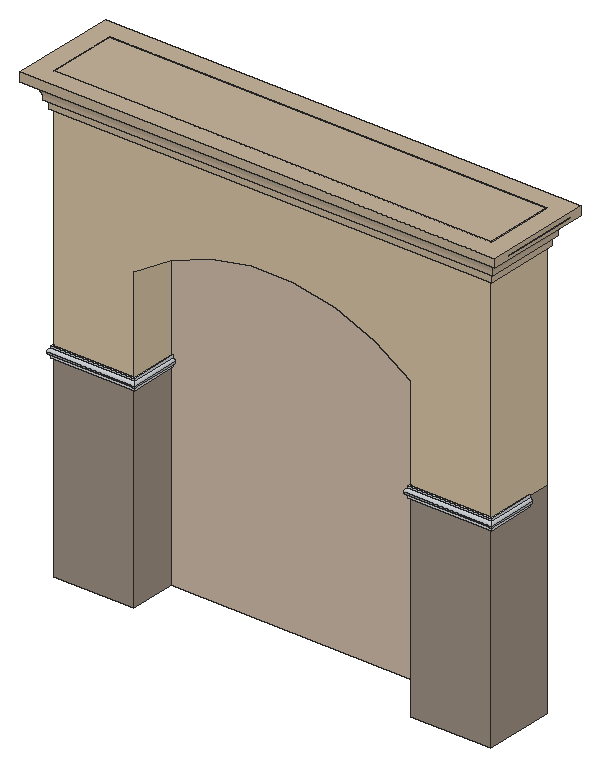
Revit family "GEN_A3-631-FEATURE-WALL-4360", category Site, Revit 2016
Family settings
  Part Type = Undefined
  Round Connector Dimension = Use Diameter
  Work Plane-Based = No
  Always vertical = Yes
  Cut with Voids When Loaded = No
  Shared = No
Parameters (values of type "Wall Feature")
  width = 800 mm
  stone = 1020 mm
  length = 690 mm
  height = 3500 mm
  depth = 1020 mm
  WW = 4360 mm
  Assembly Code = ""
Types (2): name
  4360
  Wall Feature
Reference planes
  plane 1 "Center (Front/Back)": y = 0
  plane 2: z = 0
  plane 3: x = -287.5
  plane 4: x = 512.5
  plane 5: y = 287.5
  plane 6: y = -402.5
  plane 7: z = 3500
  plane 8: z = 3160
  plane 9: z = -1020
  plane 10: z = 1020
  plane 11: x = 3272.5
  plane 12: x = 4072.5
  plane 13: y = 57.5
  plane 14: z = 2480
  plane 15: x = 1892.5
Forms (mm)
  Extrusion 1, solid, material "- Exterior Wall"
    sketch origin (0, 0, 0) x (1, 0, 0) y (0, 1, 0)
      loop
        line (512.5, 287.5) -> (-287.5, 287.5) -> (-287.5, -402.5) -> (512.5, -402.5) -> (512.5, 287.5)
    from 1020 to 2480
  Extrusion 2, solid, material "- Exterior Wall"
    sketch origin (0, 0, -1745) x (1, 0, 0) y (0, 1, 0)
      loop
        line (512.5, 287.5) -> (-287.5, 287.5) -> (-287.5, -402.5) -> (512.5, -402.5) -> (512.5, 287.5)
    from 725 to 2765
  Sweep 3, solid
    path origin (-938.083, 0, 1020) x (1, 0, 0) y (0, 1, 0)
      loop
        line (1450.583, 57.5) -> (1450.583, -402.5) -> (650.583, -402.5) -> (650.583, 57.5)
    profile "DADO-470 : DADO-470" origin (-287.5, -172.5, 1020) x (-1, 0, 0) y (0, 0, 1)
      loop
        line (20, 25) -> (0, 25) -> (0, -85) -> (20, -85) -> (20, -60)
        arc (20, -60) -> (34.542, -48.028) -> (40, -30) r 32.5
        arc (40, -30) -> (34.542, -11.972) -> (20, 0) r 32.5
        line (20, 0) -> (20, 25)
  Sweep 4, solid, material "1-CORBEL"
    path origin (874.69, 0, 3500) x (1, 0, 0) y (0, 1, 0)
      loop
        line (-1162.19, 287.5) -> (-1162.19, -402.5) -> (3197.81, -402.5) -> (3197.81, 287.5) -> (-1162.19, 287.5)
    profile "622-c2 : 622-c2" origin (1892.5, 287.5, 3500) x (0, 1, 0) y (0, 0, 1)
      loop
        line (0, 0) -> (0, -340) -> (30, -340) -> (30, -255) -> (60, -255)
        arc (60, -255) -> (86.058, -156.711) -> (158.15, -85) r 194.519
        line (158.15, -85) -> (188.15, -85) -> (188.15, 0) -> (0, 0)
  Extrusion 5, solid, material "- Exterior Wall"
    sketch origin (3300, 0, -1745) x (1, 0, 0) y (0, 1, 0)
      loop
        line (772.5, 287.5) -> (-27.5, 287.5) -> (-27.5, -402.5) -> (772.5, -402.5) -> (772.5, 287.5)
    from 725 to 2765
  Sweep 6, solid
    path origin (2361.917, 0, 1020) x (1, 0, 0) y (0, 1, 0)
      loop
        line (1710.583, 57.5) -> (1710.583, -402.5) -> (910.583, -402.5) -> (910.583, 57.5)
    profile "DADO-470 : DADO-470" origin (3272.5, -172.5, 1020) x (-1, 0, 0) y (0, 0, 1)
      loop
        line (20, 25) -> (0, 25) -> (0, -85) -> (20, -85) -> (20, -60)
        arc (20, -60) -> (34.542, -48.028) -> (40, -30) r 32.5
        arc (40, -30) -> (34.542, -11.972) -> (20, 0) r 32.5
        line (20, 0) -> (20, 25)
  Extrusion 7, solid, material "- Exterior Wall"
    sketch origin (0, 0, 0) x (1, 0, 0) y (0, 1, 0)
      loop
        line (512.5, 287.5) -> (512.5, 57.5) -> (3272.5, 57.5) -> (3272.5, 287.5) -> (512.5, 287.5)
    from -1020 to 3500
  Extrusion 8, solid, material "- Exterior Wall"
    sketch origin (3300, 0, 0) x (0, 1, 0) y (1, 0, 0)
      loop
        line (287.5, -27.5) -> (287.5, 772.5) -> (-402.5, 772.5) -> (-402.5, -27.5) -> (287.5, -27.5)
    from 1020 to 1980
  Extrusion 9, solid, material "- Exterior Wall"
    sketch origin (3272.5, 287.5, 0) x (1, 0, 0) y (0, 0, -1)
      loop
        line (800, -1980) -> (0, -1980)
        arc (0, -1980) -> (-1380, -2455.862) -> (-2760, -1980) r 2238.931
        line (-2760, -1980) -> (-3560, -1980) -> (-3560, -3500) -> (800, -3500) -> (800, -1980)
    from -690 to 0
Cuts and joins
  joined: Extrusion 1, Extrusion 7, Extrusion 8, Extrusion 9
Dimensions and locks
  "height": level to plane 7
  "depth": plane 9 to level
  "width": plane 3 to plane 4
  "length": plane 6 to plane 5
  "stone": level to plane 10
  locked: plane 8 to plane 7 at 340
  "width": plane 11 to plane 12
  locked: plane 13 to plane 5 at 230
  "WW": plane 3 to plane 12
  equal spacing: plane 3, plane 15, plane 12
  plane 14 to plane 8 = 680 mm
  aligned and locked: Extrusion 1 to plane 5
  aligned and locked: Extrusion 1 to plane 3
  aligned and locked: plane 6 to Extrusion 1
  aligned and locked: plane 4 to Extrusion 1
  aligned and locked: Extrusion 1 to plane 10
  aligned and locked: Sweep 3 sketch curve to plane 6
  aligned and locked: plane 3 to Sweep 3 sketch curve
  aligned and locked: Sweep 6 sketch curve to plane 6
  aligned and locked: Sweep 6 sketch curve to Extrusion 5  (x2)
  aligned and locked: Sweep 3 sketch curve to Extrusion 2
  aligned and locked: Sweep 4 sketch curve to plane 12
  aligned and locked: plane 5 to Extrusion 7 sketch curve
  aligned and locked: plane 4 to Extrusion 7 sketch curve
  aligned and locked: Extrusion 7 sketch curve to plane 11
  aligned and locked: Extrusion 7 sketch curve to plane 13
  aligned and locked: Extrusion 7 to plane 9
  aligned and locked: plane 7 to Extrusion 7
  aligned and locked: plane 7 to Sweep 4
  aligned and locked: plane 7 to cut or joined group of Extrusion 1, Extrusion 7, Extrusion 8, Extrusion 9
  aligned and locked: Extrusion 9 to Extrusion 1
Automatic sketch dimensions
  Extrusion 1 sketch curve to plane 3 = 0 mm
  Extrusion 1 sketch curve to plane 4 = 0 mm
  Extrusion 1 sketch curve to plane 6 = 0 mm
  Extrusion 1 sketch curve to plane 5 = 0 mm
  Extrusion 2 sketch curve to plane 3 = 0 mm
  Extrusion 2 sketch curve to plane 4 = 0 mm
  Extrusion 2 sketch curve to plane 6 = 0 mm
  Extrusion 2 sketch curve to plane 5 = 0 mm
  Sweep 4 sketch curve to plane 3 = 0 mm
  Sweep 4 sketch curve to plane 6 = 0 mm
  Sweep 4 sketch curve to plane 5 = 0 mm
  Extrusion 5 sketch curve to plane 5 = 0 mm
  Extrusion 5 sketch curve to plane 11 = 0 mm
  Extrusion 5 sketch curve to plane 6 = 0 mm
  Extrusion 5 sketch curve to plane 12 = 0 mm
  Extrusion 8 sketch curve to plane 6 = 0 mm
  Extrusion 8 sketch curve to plane 5 = 0 mm
  Extrusion 8 sketch curve to plane 12 = 0 mm
  Extrusion 8 sketch curve to plane 11 = 0 mm
  Sweep 3 sketch curve to plane 13 = 0 mm  (x2)
  Sweep 6 sketch curve to plane 13 = 0 mm  (x2)
  Extrusion 9 sketch curve to Extrusion 8 = 0 mm  (x4)
  Extrusion 9 sketch curve to Extrusion 9 sketch curve = 1520 mm
  Extrusion 9 sketch curve to Extrusion 8 = 803.069 mm
  Extrusion 9 sketch curve to Extrusion 8 = 1380 mm
  Extrusion 9 sketch curve to Extrusion 9 sketch curve = 800 mm
